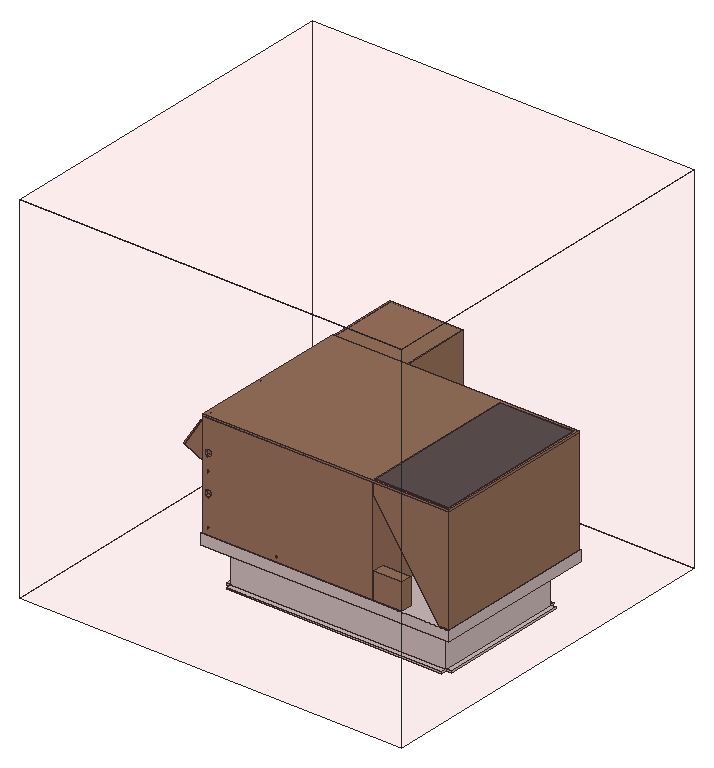
Revit family "Air_Conditioner-Package_Rooftop-End_Return Z(R,K) 6.5-7.5T,  Z(H,U,J,W, R,K) 3-5T", category Mechanical Equipment, Revit 2023 (continued)
Definition of nested family "Commercial_Comfort_Systems-Series_10-Johnson_Control-Curb"
  Dimensions and locks (in)
    aligned and locked: Extrusion 4 sketch curve to plane 4 "Back"
    aligned and locked: plane 12 "Frame Front" to Extrusion 4 sketch curve
    aligned and locked: Extrusion 4 sketch curve to plane 5 "Front"
    aligned and locked: Extrusion 4 to plane 2 "Bottom"
    aligned and locked: plane 21 "Flange Top" to Extrusion 4
    aligned and locked: curve 2 to plane 6 "Left"
    aligned and locked: curve 1 to plane 4 "Back"
    aligned and locked: curve 4 to plane 7 "Right"
    aligned and locked: curve 5 to plane 4 "Back"
    aligned and locked: curve 8 to plane 7 "Right"
    aligned and locked: curve 7 to plane 5 "Front"
    aligned and locked: curve 6 to plane 6 "Left"
    aligned and locked: curve 9 to plane 9 "Frame Thickness Back"
    aligned and locked: curve 10 to plane 8 "Frame Thickness Left"
    aligned and locked: curve 11 to plane 12 "Frame Front"
    aligned and locked: curve 12 to plane 13 "Frame Right"
    aligned and locked: curve 13 to plane 9 "Frame Thickness Back"
    aligned and locked: curve 16 to plane 13 "Frame Right"
    aligned and locked: curve 14 to plane 8 "Frame Thickness Left"
    aligned and locked: curve 15 to plane 12 "Frame Front"
    aligned and locked: curve 18 to plane 6 "Left"
    aligned and locked: curve 19 to plane 5 "Front"
    aligned and locked: curve 20 to plane 7 "Right"
    aligned and locked: curve 17 to plane 4 "Back"
    aligned and locked: curve 21 to plane 4 "Back"
    aligned and locked: curve 22 to plane 6 "Left"
    aligned and locked: curve 23 to plane 5 "Front"
    aligned and locked: curve 24 to plane 7 "Right"
    aligned and locked: plane 2 "Bottom" to curve 28
    aligned and locked: plane 2 "Bottom" to curve 25
    aligned and locked: plane 2 "Bottom" to curve 32
    aligned and locked: plane 2 "Bottom" to curve 29
    aligned and locked: plane 21 "Flange Top" to curve 28
    aligned and locked: plane 21 "Flange Top" to curve 25
    aligned and locked: plane 21 "Flange Top" to curve 32
    aligned and locked: plane 21 "Flange Top" to curve 29
    aligned and locked: plane 20 "Lip Bottom" to curve 27
    aligned and locked: plane 20 "Lip Bottom" to curve 26
    aligned and locked: plane 20 "Lip Bottom" to curve 31
    aligned and locked: plane 20 "Lip Bottom" to curve 30
    aligned and locked: plane 19 "Top" to curve 30
    aligned and locked: plane 19 "Top" to curve 31
    aligned and locked: plane 19 "Top" to curve 26
    aligned and locked: plane 19 "Top" to curve 27
    aligned and locked: curve 26 to plane 6 "Left"
    aligned and locked: curve 27 to plane 6 "Left"
    aligned and locked: curve 25 to plane 6 "Left"
    aligned and locked: curve 28 to plane 6 "Left"
    aligned and locked: plane 7 "Right" to curve 31
    aligned and locked: plane 7 "Right" to curve 30
    aligned and locked: plane 7 "Right" to curve 32
    aligned and locked: plane 7 "Right" to curve 29
    aligned and locked: plane 20 "Lip Bottom" to curve 35
    aligned and locked: plane 20 "Lip Bottom" to curve 34
    aligned and locked: plane 20 "Lip Bottom" to curve 33
    aligned and locked: plane 20 "Lip Bottom" to curve 36
    aligned and locked: plane 21 "Flange Top" to curve 36
    aligned and locked: plane 21 "Flange Top" to curve 33
    aligned and locked: plane 21 "Flange Top" to curve 34
    aligned and locked: plane 21 "Flange Top" to curve 35
    aligned and locked: curve 34 to plane 8 "Frame Thickness Left"
    aligned and locked: curve 35 to plane 8 "Frame Thickness Left"
    aligned and locked: plane 13 "Frame Right" to curve 33
    aligned and locked: plane 13 "Frame Right" to curve 36
    aligned and locked: Masking region 1 sketch curve to plane 19 "Top"
    aligned and locked: Masking region 1 sketch curve to plane 6 "Left"
    aligned and locked: plane 20 "Lip Bottom" to Masking region 1 sketch curve  (x2)
    aligned and locked: Masking region 1 sketch curve to plane 8 "Frame Thickness Left"
    aligned and locked: Masking region 1 sketch curve to plane 13 "Frame Right"
    aligned and locked: plane 2 "Bottom" to Masking region 1 sketch curve
    aligned and locked: Masking region 1 sketch curve to plane 7 "Right"
    aligned and locked: plane 8 "Frame Thickness Left" to Masking region 2 sketch curve
    aligned and locked: Masking region 2 sketch curve to plane 6 "Left"
    aligned and locked: Masking region 2 sketch curve to plane 21 "Flange Top"  (x2)
    aligned and locked: plane 2 "Bottom" to Masking region 2 sketch curve  (x2)
    aligned and locked: plane 13 "Frame Right" to Masking region 2 sketch curve
    aligned and locked: Masking region 2 sketch curve to plane 7 "Right"
    aligned and locked: plane 13 "Frame Right" to curve 37
    aligned and locked: plane 8 "Frame Thickness Left" to curve 37
    aligned and locked: curve 37 to plane 21 "Flange Top"
    aligned and locked: Masking region 3 sketch curve to plane 5 "Front"
    aligned and locked: Masking region 3 sketch curve to plane 19 "Top"
    aligned and locked: Masking region 3 sketch curve to plane 4 "Back"
    aligned and locked: plane 20 "Lip Bottom" to Masking region 3 sketch curve  (x2)
    aligned and locked: Masking region 3 sketch curve to plane 9 "Frame Thickness Back"
    aligned and locked: plane 2 "Bottom" to Masking region 3 sketch curve
    aligned and locked: Masking region 3 sketch curve to plane 12 "Frame Front"
    aligned and locked: Masking region 4 sketch curve to plane 5 "Front"
    aligned and locked: plane 12 "Frame Front" to Masking region 4 sketch curve
    aligned and locked: Masking region 4 sketch curve to plane 21 "Flange Top"  (x2)
    aligned and locked: plane 2 "Bottom" to Masking region 4 sketch curve  (x2)
    aligned and locked: plane 9 "Frame Thickness Back" to Masking region 4 sketch curve
    aligned and locked: Masking region 4 sketch curve to plane 4 "Back"
    aligned and locked: plane 9 "Frame Thickness Back" to curve 38
    aligned and locked: plane 12 "Frame Front" to curve 38
    aligned and locked: curve 38 to plane 21 "Flange Top"
    aligned and locked: plane 13 "Frame Right" to curve 39
    aligned and locked: plane 8 "Frame Thickness Left" to curve 39
    aligned and locked: curve 39 to plane 20 "Lip Bottom"
    aligned and locked: plane 9 "Frame Thickness Back" to curve 40
    aligned and locked: plane 12 "Frame Front" to curve 40
    aligned and locked: curve 40 to plane 20 "Lip Bottom"
    aligned and locked: curve 3 to plane 5 "Front"
Definition of nested family "Commercial_Comfort_Systems-Series_10-Johnson_Control-Outdoor_Air_Hood"
  Parameters
    Paint Finish = none
    Length = 26"
    Height = 35 3/4"
    Depth = 25 3/4"
    Default Elevation = 0"
  Reference planes (in)
    plane 1 "Center (Front/Back)": y = 0
    plane 2 "Bottom": z = 0
    plane 3 "Center (Left/Right)": x = 0
    plane 4 "Back": y = 12.875
    plane 5 "Front": y = -12.875
    plane 6 "Left": x = -13
    plane 7 "Right": x = 13
    plane 8 "Top": z = 35.75
    plane 9 "Frame Left": x = -12.75
    plane 10 "Frame Right": x = 12.75
    plane 11 "Opening Top": z = 23.75
    plane 12 "Opening Bottom": z = 4
    plane 13 "Frame Top": z = 35.5
    plane 14 "Frame Front": y = -12.625
  Forms (in)
    Extrusion 1, solid, material <- "Paint Finish", detail levels fine
      sketch origin (0, 0, 0) x (1, 0, 0) y (0, 1, 0)
        loop
          line (-13, 12.875) -> (-13, -12.875) -> (-12.75, -12.875) -> (-12.75, 12.875) -> (-13, 12.875)
        loop
          line (12.75, 12.875) -> (12.75, -12.875) -> (13, -12.875) -> (13, 12.875) -> (12.75, 12.875)
      from 0 to 35.5
    Extrusion 2, solid, material <- "Paint Finish", detail levels fine
      sketch origin (0, 0, 0) x (1, 0, 0) y (0, 1, 0)
        loop
          line (-13, 12.875) -> (-13, -12.875) -> (13, -12.875) -> (13, 12.875) -> (-13, 12.875)
      from 35.5 to 35.75
    Extrusion 3, solid, material <- "Paint Finish", detail levels fine
      sketch origin (0, 0, 0) x (0, 1, 0) y (0, 0, 1)
        loop
          line (-12.875, 4) -> (-12.72285, 3.80163) -> (12.875, 23.43493) -> (12.875, 23.75) -> (-12.875, 4)
      from -12.75 to 12.75
    Extrusion 4, solid, material <- "Paint Finish", detail levels fine
      sketch origin (0, 0, 0) x (1, 0, 0) y (0, 0, 1)
        loop
          line (-12.75, 35.5) -> (-12.75, 23.75) -> (12.75, 23.75) -> (12.75, 35.5) -> (-12.75, 35.5)
      from 12.625 to 12.875
  Lines and regions (in)
    Masking region 1, detail levels medium+fine
      outline origin (0, 0, 35.75) x (-1, 0, 0) y (0, -1, 0)
        loop
          line (13, -12.875) -> (13, 12.875) -> (-13, 12.875) -> (-13, -12.875) -> (13, -12.875)
    Masking region 2, detail levels medium+fine
      outline origin (0, 0, 0) x (1, 0, 0) y (0, 0, 1)
        loop
          line (-13, 35.75) -> (-13, 0) -> (-12.75, 0) -> (-12.75, 4) -> (12.75, 4) -> (12.75, 0) -> (13, 0) -> (13, 35.75) -> (-13, 35.75)
    Masking region 3, detail levels medium+fine
      outline origin (0, 0, 0) x (0, 1, 0) y (0, 0, 1)
        loop
          line (-12.875, 35.75) -> (-12.875, 0) -> (12.875, 0) -> (12.875, 35.75) -> (-12.875, 35.75)
    symbolic lines, detail levels fine
      curve 1: line (-13, 0, 23.75) -> (13, 0, 23.75)
    model lines, detail levels medium
      curve 2: line (-13, 12.875, 35.75) -> (13, 12.875, 35.75)
      curve 3: line (-13, -12.875, 35.75) -> (-13, 12.875, 35.75)
      curve 4: line (13, -12.875, 35.75) -> (-13, -12.875, 35.75)
      curve 5: line (13, 12.875, 35.75) -> (13, -12.875, 35.75)
      curve 6: line (-13, 12.875, 0) -> (13, 12.875, 0)
      curve 7: line (-13, -12.875, 0) -> (-13, 12.875, 0)
      curve 8: line (13, -12.875, 0) -> (-13, -12.875, 0)
      curve 9: line (13, 12.875, 0) -> (13, -12.875, 0)
      curve 10: line (-13, -12.875, 0) -> (-13, -12.875, 35.75)
      curve 11: line (13, -12.875, 0) -> (13, -12.875, 35.75)
      curve 12: line (-13, 12.875, 0) -> (-13, 12.875, 35.75)
      curve 13: line (13, 12.875, 0) -> (13, 12.875, 35.75)
  Dimensions and locks (in)
    equal spacing: plane 6 "Left", plane 3 "Center (Left/Right)", plane 7 "Right"
    "Length": plane 6 "Left" to plane 7 "Right"
    equal spacing: plane 4 "Back", plane 1 "Center (Front/Back)", plane 5 "Front"
    "Depth": plane 5 "Front" to plane 4 "Back"
    "Height": plane 8 "Top" to plane 2 "Bottom"
    locked: plane 6 "Left" to plane 9 "Frame Left" at 0.25
    locked: plane 10 "Frame Right" to plane 7 "Right" at 0.25
    locked: plane 8 "Top" to plane 11 "Opening Top" at 12
    locked: plane 12 "Opening Bottom" to plane 2 "Bottom" at 4
    locked: plane 8 "Top" to plane 13 "Frame Top" at 0.25
    locked: Extrusion 3 sketch curve to Extrusion 3 sketch curve at 0.25
    locked: plane 11 "Opening Top" to Extrusion 3 sketch curve at 0.31507
    locked: plane 5 "Front" to plane 14 "Frame Front" at 0.25
    locked: Extrusion 3 sketch curve to Extrusion 3 sketch curve (angle 90.00°)  (x2)
    locked: plane 12 "Opening Bottom" to Extrusion 3 sketch curve (angle 37.4879°)
    aligned and locked: Extrusion 1 sketch curve to plane 4 "Back"  (x2)
    aligned and locked: Extrusion 1 sketch curve to plane 10 "Frame Right"
    aligned and locked: plane 7 "Right" to Extrusion 1 sketch curve
    aligned and locked: Extrusion 1 sketch curve to plane 5 "Front"  (x2)
    aligned and locked: Extrusion 1 sketch curve to plane 9 "Frame Left"
    aligned and locked: plane 6 "Left" to Extrusion 1 sketch curve
    aligned and locked: plane 13 "Frame Top" to Extrusion 1
    aligned and locked: Extrusion 1 to plane 2 "Bottom"
    aligned and locked: Extrusion 2 sketch curve to plane 4 "Back"
    aligned and locked: plane 7 "Right" to Extrusion 2 sketch curve
    aligned and locked: Extrusion 2 sketch curve to plane 5 "Front"
    aligned and locked: plane 6 "Left" to Extrusion 2 sketch curve
    aligned and locked: plane 8 "Top" to Extrusion 2
    aligned and locked: Extrusion 2 to plane 13 "Frame Top"
    aligned and locked: plane 11 "Opening Top" to Extrusion 3 sketch curve
    aligned and locked: plane 12 "Opening Bottom" to Extrusion 3 sketch curve
    aligned and locked: plane 5 "Front" to Extrusion 3 sketch curve
    aligned and locked: Extrusion 3 to plane 10 "Frame Right"
    aligned and locked: Extrusion 3 to plane 9 "Frame Left"
    aligned and locked: plane 11 "Opening Top" to Extrusion 4 sketch curve
    aligned and locked: plane 10 "Frame Right" to Extrusion 4 sketch curve
    aligned and locked: plane 9 "Frame Left" to Extrusion 4 sketch curve
    aligned and locked: Extrusion 4 sketch curve to plane 13 "Frame Top"
    aligned and locked: plane 5 "Front" to Extrusion 4
    aligned and locked: Extrusion 4 to plane 14 "Frame Front"
    aligned and locked: Masking region 1 sketch curve to plane 4 "Back"
    aligned and locked: plane 7 "Right" to Masking region 1 sketch curve
    aligned and locked: Masking region 1 sketch curve to plane 5 "Front"
    aligned and locked: plane 6 "Left" to Masking region 1 sketch curve
    aligned and locked: plane 6 "Left" to Masking region 2 sketch curve
    aligned and locked: Masking region 2 sketch curve to plane 8 "Top"
    aligned and locked: plane 7 "Right" to Masking region 2 sketch curve
    aligned and locked: plane 2 "Bottom" to Masking region 2 sketch curve  (x2)
    aligned and locked: Masking region 2 sketch curve to plane 10 "Frame Right"
    aligned and locked: plane 12 "Opening Bottom" to Masking region 2 sketch curve
    aligned and locked: Masking region 2 sketch curve to plane 9 "Frame Left"
    aligned and locked: plane 6 "Left" to curve 1
    aligned and locked: plane 7 "Right" to curve 1
    aligned and locked: curve 1 to plane 11 "Opening Top"
    aligned and locked: plane 2 "Bottom" to Masking region 3 sketch curve
    aligned and locked: Masking region 3 sketch curve to plane 4 "Back"
    aligned and locked: Masking region 3 sketch curve to plane 8 "Top"
    aligned and locked: Masking region 3 sketch curve to plane 5 "Front"
    aligned and locked: curve 2 to plane 4 "Back"
    aligned and locked: curve 4 to plane 5 "Front"
    aligned and locked: curve 8 to plane 5 "Front"
    aligned and locked: plane 7 "Right" to curve 5
    aligned and locked: plane 7 "Right" to curve 9
    aligned and locked: plane 6 "Left" to curve 3
    aligned and locked: plane 6 "Left" to curve 7
    aligned and locked: curve 6 to plane 4 "Back"
    aligned and locked: plane 2 "Bottom" to curve 12
    aligned and locked: plane 2 "Bottom" to curve 10
    aligned and locked: plane 2 "Bottom" to curve 13
    aligned and locked: plane 2 "Bottom" to curve 11
    aligned and locked: plane 8 "Top" to curve 13
    aligned and locked: plane 8 "Top" to curve 11
    aligned and locked: plane 8 "Top" to curve 10
    aligned and locked: plane 8 "Top" to curve 12
    aligned and locked: plane 6 "Left" to curve 10
    aligned and locked: plane 6 "Left" to curve 12
    aligned and locked: curve 11 to plane 7 "Right"
    aligned and locked: curve 13 to plane 7 "Right"
Definition of nested family "Commercial_Comfort_Systems-Series_10-Johnson_Control-Hood"
  Parameters
    Paint Finish = none
    Open Hole [instance] = yes
    No Hood [instance] = not(or(Hood, Open Hole))  # no
    Length = 30 1/4"
    Hood [instance] = yes
    Height = 18 7/8"
    Depth = 26"
    Default Elevation = 0"
  Reference planes (in)
    plane 1 "Center (Front/Back)": y = 0
    plane 2 "Bottom": z = 0
    plane 3 "Center (Left/Right)": x = 0
    plane 4 "Back": y = 13
    plane 5 "Front": y = -13
    plane 6 "Left": x = -15.125
    plane 7 "Right": x = 15.125
    plane 8 "Bottom Angle Back": y = 7
    plane 9 "Top Angle Front": y = -7
    plane 10 "Top": z = 18.875
    plane 11 "Frame Left": x = -14.875
    plane 12 "Frame Right": x = 14.875
    plane 13 "Frame Top": z = 18.625
    plane 14 "Frame Bottom": z = 0.25
    plane 15 "Center Elevation": z = 9.4375
    plane 16 "Close Hood Back": y = 13.5
    plane 17 "Front Offset": y = -12.77212
    plane 18 "Center (Elevation) Offset": z = 9.1875
    plane 19 "Bottom Angle Back Offset": y = 6.4702
    plane 20 "Top Angle Front Offset": y = -6.86269
  Forms (in)
    Extrusion 1, solid, material <- "Paint Finish", visible <- "Hood", detail levels fine
      sketch origin (0, 0, 0) x (0, 1, 0) y (0, 0, 1)
        loop
          line (-13, 9.4375) -> (7, 0) -> (13, 0) -> (13, 18.875) -> (-7, 18.875) -> (-13, 9.4375)
      from -15.125 to 15.125
    Extrusion 2, solid, material <- "Paint Finish", visible <- "No Hood", detail levels medium+fine
      sketch origin (0, 0, 9.4375) x (-1, 0, 0) y (0, -1, 0)
        loop
          line (15.125, -13.5) -> (15.125, -13) -> (-15.125, -13) -> (-15.125, -13.5) -> (15.125, -13.5)
      from -9.4375 to 9.4375
    Extrusion 3, void, detail levels fine
      sketch origin (15.125, 0, 0) x (0, -1, 0) y (0, 0, -1)
        loop
          line (-13, -18.625) -> (6.86269, -18.625) -> (12.77212, -9.1875) -> (-6.4702, -0.25) -> (-13, -0.25) -> (-13, -18.625)
      from -30 to -0.25
  Cuts and joins
    Extrusion 3 cuts Extrusion 1
  Lines and regions (in)
    Masking region 1, visible <- "Hood", detail levels medium+fine
      outline origin (0, 0, 18.875) x (-1, 0, 0) y (0, -1, 0)
        loop
          line (15.125, -13) -> (15.125, 13) -> (-15.125, 13) -> (-15.125, -13) -> (15.125, -13)
    Masking region 2, visible <- "Hood", detail levels medium+fine
      outline origin (0, 0, 0) x (0, 1, 0) y (0, 0, 1)
        loop
          line (-7, 18.875) -> (-13, 9.4375) -> (7, 0) -> (13, 0) -> (13, 18.875) -> (-7, 18.875)
    Masking region 3, detail levels medium+fine
      outline origin (0, 0, 0) x (1, 0, 0) y (0, 0, 1)
        loop
          line (-15.125, 18.875) -> (-15.125, 0) -> (15.125, 0) -> (15.125, 18.875) -> (-15.125, 18.875)
    symbolic lines, visible <- "Hood", detail levels fine
      curve 1: line (-15.125, -7, 18.875) -> (15.125, -7, 18.875)
      curve 2: line (-15.125, 0, 9.4375) -> (15.125, 0, 9.4375)
    model lines, visible <- "Hood", detail levels medium
      curve 3: line (-15.125, 13, 18.875) -> (15.125, 13, 18.875)
      curve 4: line (-15.125, -7, 18.875) -> (-15.125, 13, 18.875)
      curve 5: line (15.125, -7, 18.875) -> (-15.125, -7, 18.875)
      curve 6: line (15.125, 13, 18.875) -> (15.125, -7, 18.875)
      curve 7: line (-15.125, 13, 0) -> (15.125, 13, 0)
      curve 8: line (-15.125, 7, 0) -> (-15.125, 13, 0)
      curve 9: line (15.125, 7, 0) -> (-15.125, 7, 0)
      curve 10: line (15.125, 13, 0) -> (15.125, 7, 0)
      curve 11: line (-15.125, -13, 9.4375) -> (15.125, -13, 9.4375)
      curve 12: line (15.125, -7, 18.875) -> (15.125, -13, 9.4375)
      curve 13: line (15.125, -13, 9.4375) -> (15.125, 7, 0)
      curve 14: line (-15.125, -7, 18.875) -> (-15.125, -13, 9.4375)
      curve 15: line (-15.125, -13, 9.4375) -> (-15.125, 7, 0)
    model lines, detail levels medium
      curve 16: line (-15.125, 13, 18.875) -> (-15.125, 13, 0)
      curve 17: line (15.125, 13, 0) -> (15.125, 13, 18.875)
  Dimensions and locks (in)
    equal spacing: plane 5 "Front", plane 1 "Center (Front/Back)", plane 4 "Back"
    "Depth": plane 5 "Front" to plane 4 "Back"
    equal spacing: plane 6 "Left", plane 3 "Center (Left/Right)", plane 7 "Right"
    "Length": plane 6 "Left" to plane 7 "Right"
    locked: plane 4 "Back" to plane 8 "Bottom Angle Back" at 6
    locked: plane 5 "Front" to plane 9 "Top Angle Front" at 6
    "Height": plane 10 "Top" to plane 2 "Bottom"
    locked: plane 14 "Frame Bottom" to plane 2 "Bottom" at 0.25
    locked: plane 10 "Top" to plane 13 "Frame Top" at 0.25
    locked: plane 6 "Left" to plane 11 "Frame Left" at 0.25
    locked: plane 12 "Frame Right" to plane 7 "Right" at 0.25
    equal spacing: plane 10 "Top", plane 15 "Center Elevation", plane 2 "Bottom"
    locked: plane 16 "Close Hood Back" to plane 4 "Back" at 0.5
    locked: plane 5 "Front" to plane 17 "Front Offset" at 0.22788
    locked: plane 15 "Center Elevation" to plane 18 "Center (Elevation) Offset" at 0.25
    locked: plane 19 "Bottom Angle Back Offset" to plane 8 "Bottom Angle Back" at 0.5298
    locked: plane 9 "Top Angle Front" to plane 20 "Top Angle Front Offset" at 0.13731
    aligned and locked: Extrusion 1 sketch curve to plane 10 "Top"
    aligned and locked: Extrusion 1 sketch curve to plane 4 "Back"
    aligned and locked: plane 2 "Bottom" to Extrusion 1 sketch curve  (x2)
    aligned and locked: plane 8 "Bottom Angle Back" to Extrusion 1 sketch curve
    aligned and locked: plane 5 "Front" to Extrusion 1 sketch curve
    aligned and locked: plane 15 "Center Elevation" to Extrusion 1 sketch curve
    aligned and locked: plane 9 "Top Angle Front" to Extrusion 1 sketch curve
    aligned and locked: plane 6 "Left" to Extrusion 1
    aligned and locked: plane 7 "Right" to Extrusion 1
    aligned and locked: Masking region 1 sketch curve to plane 5 "Front"
    aligned and locked: Masking region 1 sketch curve to plane 7 "Right"
    aligned and locked: Masking region 1 sketch curve to plane 6 "Left"
    aligned and locked: Masking region 1 sketch curve to plane 4 "Back"
    aligned and locked: plane 7 "Right" to curve 1
    aligned and locked: plane 9 "Top Angle Front" to curve 1
    aligned and locked: plane 10 "Top" to Masking region 2 sketch curve  (x2)
    aligned and locked: plane 4 "Back" to Masking region 2 sketch curve
    aligned and locked: Masking region 2 sketch curve to plane 2 "Bottom"
    aligned and locked: plane 8 "Bottom Angle Back" to Masking region 2 sketch curve
    aligned and locked: plane 5 "Front" to Masking region 2 sketch curve
    aligned and locked: plane 15 "Center Elevation" to Masking region 2 sketch curve
    aligned and locked: plane 9 "Top Angle Front" to Masking region 2 sketch curve
    aligned and locked: Masking region 3 sketch curve to plane 10 "Top"
    aligned and locked: plane 2 "Bottom" to Masking region 3 sketch curve
    aligned and locked: Masking region 3 sketch curve to plane 7 "Right"
    aligned and locked: Masking region 3 sketch curve to plane 6 "Left"
    aligned and locked: plane 6 "Left" to curve 2
    aligned and locked: plane 7 "Right" to curve 2
    aligned and locked: curve 2 to plane 15 "Center Elevation"
    aligned and locked: curve 3 to plane 4 "Back"
    aligned and locked: curve 4 to plane 6 "Left"
    aligned and locked: curve 5 to plane 9 "Top Angle Front"
    aligned and locked: curve 6 to plane 7 "Right"
    aligned and locked: plane 8 "Bottom Angle Back" to curve 9
    aligned and locked: curve 10 to plane 7 "Right"
    aligned and locked: curve 8 to plane 6 "Left"
    aligned and locked: curve 7 to plane 4 "Back"
    aligned and locked: plane 6 "Left" to curve 11
    aligned and locked: plane 7 "Right" to curve 11
    aligned and locked: plane 5 "Front" to curve 11
    aligned and locked: plane 10 "Top" to curve 12
    aligned and locked: plane 9 "Top Angle Front" to curve 12
    aligned and locked: plane 8 "Bottom Angle Back" to curve 13
    aligned and locked: plane 2 "Bottom" to curve 13
    aligned and locked: plane 5 "Front" to curve 13
    aligned and locked: plane 15 "Center Elevation" to curve 13
    aligned and locked: plane 2 "Bottom" to curve 15
    aligned and locked: plane 8 "Bottom Angle Back" to curve 15
    aligned and locked: plane 15 "Center Elevation" to curve 15
    aligned and locked: plane 5 "Front" to curve 15
    aligned and locked: Extrusion 2 sketch curve to plane 6 "Left"
    aligned and locked: Extrusion 2 sketch curve to plane 7 "Right"
    aligned and locked: plane 4 "Back" to Extrusion 2 sketch curve
    aligned and locked: Extrusion 2 sketch curve to plane 16 "Close Hood Back"
    aligned and locked: Extrusion 2 to plane 2 "Bottom"
    aligned and locked: plane 10 "Top" to Extrusion 2
    aligned and locked: Extrusion 3 sketch curve to plane 4 "Back"
    aligned and locked: plane 14 "Frame Bottom" to Extrusion 3 sketch curve  (x2)
    aligned and locked: plane 11 "Frame Left" to Extrusion 3
    aligned and locked: plane 12 "Frame Right" to Extrusion 3
    aligned and locked: plane 17 "Front Offset" to Extrusion 3 sketch curve
    aligned and locked: plane 18 "Center (Elevation) Offset" to Extrusion 3 sketch curve
    aligned and locked: plane 19 "Bottom Angle Back Offset" to Extrusion 3 sketch curve
    aligned and locked: plane 20 "Top Angle Front Offset" to Extrusion 3 sketch curve
    aligned and locked: plane 13 "Frame Top" to Extrusion 3 sketch curve
    aligned and locked: plane 6 "Left" to curve 16
    aligned and locked: plane 7 "Right" to curve 17
    aligned and locked: plane 2 "Bottom" to curve 16
    aligned and locked: plane 2 "Bottom" to curve 17
    aligned and locked: plane 10 "Top" to curve 17
    aligned and locked: plane 10 "Top" to curve 14
    aligned and locked: plane 10 "Top" to curve 16
  Automatic sketch dimensions
    curve 14 to plane 9 "Top Angle Front" = 0"
    curve 14 to plane 10 "Top" = 0"
Definition of nested family "Include Clearance"
  Parameters
    Width = 36"
    Height = 36"
    Depth = 36"
    Default Elevation = 0"
    Clearance Top = 6"
    Clearance Right = 6"
    Clearance Material = none
    Clearance Left = 6"
    Clearance Front = 6"
    Clearance Bottom = 6"
    Clearance Back = 6"
    Assembly Code = ""
  Reference planes (in)
    plane 1 "Center (Front/Back)": y = 0
    plane 2 "Bottom": z = 0
    plane 3 "Center (Left/Right)": x = 0
    plane 4 "Clearance Front": y = -24
    plane 5 "Top": z = 36
    plane 6 "Back": y = 18
    plane 7 "Left": x = -18
    plane 8 "Front": y = -18
    plane 9 "Right": x = 18
    plane 10 "Clearance Back": y = 24
    plane 11 "Clearance Left": x = -24
    plane 12 "Clearance Right": x = 24
    plane 13 "Clearance Top": z = 42
    plane 14 "Clearance Bottom": z = -6
  Forms (in)
    Extrusion 1, solid, material <- "Clearance Material"
      sketch origin (0, 0, 36) x (-1, 0, 0) y (0, -1, 0)
        loop
          line (24, -24) -> (24, 24) -> (-24, 24) -> (-24, -24) -> (24, -24)
      from -42 to 6
  Lines and regions (in)
    symbolic lines
      curve 1: line (-24, 24, 36) -> (24, 24, 36)
      curve 2: line (-24, -24, 36) -> (-24, 24, 36)
      curve 3: line (24, -24, 36) -> (-24, -24, 36)
      curve 4: line (24, 24, 36) -> (24, -24, 36)
      curve 5: line (-24, 0, 42) -> (24, 0, 42)
      curve 6: line (-24, 0, -6) -> (-24, 0, 42)
      curve 7: line (24, 0, -6) -> (-24, 0, -6)
      curve 8: line (24, 0, 42) -> (24, 0, -6)
      curve 9: line (0, -24, 42) -> (0, 24, 42)
      curve 10: line (0, -24, -6) -> (0, -24, 42)
      curve 11: line (0, 24, -6) -> (0, -24, -6)
      curve 12: line (0, 24, 42) -> (0, 24, -6)
  Dimensions and locks (in)
    "Height": plane 5 "Top" to plane 2 "Bottom"
    "Depth": plane 6 "Back" to plane 8 "Front"
    "Width": plane 7 "Left" to plane 9 "Right"
    equal spacing: plane 7 "Left", plane 3 "Center (Left/Right)", plane 9 "Right"
    equal spacing: plane 6 "Back", plane 1 "Center (Front/Back)", plane 8 "Front"
    "Clearance Bottom": plane 2 "Bottom" to plane 14 "Clearance Bottom"
    "Clearance Top": plane 13 "Clearance Top" to plane 5 "Top"
    "Clearance Left": plane 11 "Clearance Left" to plane 7 "Left"
    "Clearance Right": plane 9 "Right" to plane 12 "Clearance Right"
    "Clearance Back": plane 10 "Clearance Back" to plane 6 "Back"
    "Clearance Front": plane 4 "Clearance Front" to plane 8 "Front"
    aligned and locked: level to plane 2 "Bottom"
    aligned and locked: Extrusion 1 sketch curve to plane 10 "Clearance Back"
    aligned and locked: Extrusion 1 sketch curve to plane 11 "Clearance Left"
    aligned and locked: Extrusion 1 sketch curve to plane 12 "Clearance Right"
    aligned and locked: Extrusion 1 sketch curve to plane 4 "Clearance Front"
    aligned and locked: plane 14 "Clearance Bottom" to Extrusion 1
    aligned and locked: plane 13 "Clearance Top" to Extrusion 1
    aligned and locked: curve 1 to plane 10 "Clearance Back"
    aligned and locked: curve 2 to plane 11 "Clearance Left"
    aligned and locked: curve 4 to plane 12 "Clearance Right"
    aligned and locked: curve 3 to plane 4 "Clearance Front"
    aligned and locked: curve 5 to plane 13 "Clearance Top"
    aligned and locked: curve 6 to plane 11 "Clearance Left"
    aligned and locked: curve 7 to plane 14 "Clearance Bottom"
    aligned and locked: curve 8 to plane 12 "Clearance Right"
    aligned and locked: curve 9 to plane 13 "Clearance Top"
    aligned and locked: curve 11 to plane 14 "Clearance Bottom"
    aligned and locked: curve 12 to plane 10 "Clearance Back"
    aligned and locked: curve 10 to plane 4 "Clearance Front"
